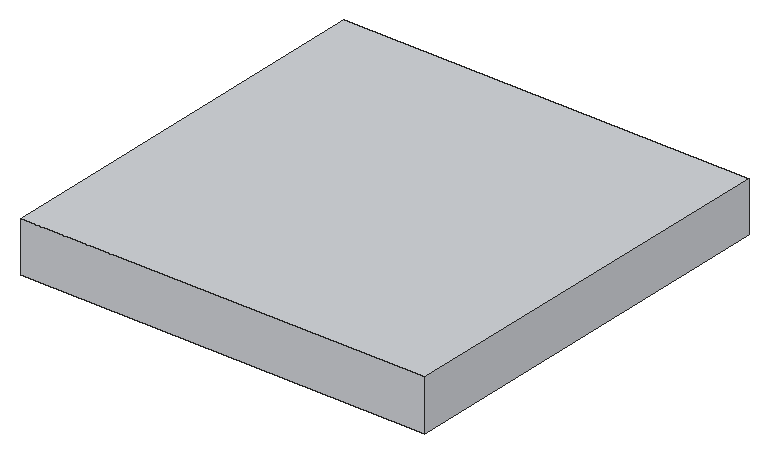
Revit family "05-5964-14-M1", category Luminarias, Revit 2017
Family settings
  Anfitrión = Cara
  Cota de conector redondo = Diámetro de uso
  Tipo de pieza = Normal
  Número OmniClass = 23.80.70.00
  Título OmniClass = Lighting
  Corte con vacíos al cargar = No
  Origen de luz = No
  Compartido = Sí
  Punto de cálculo de habitación = No
Parameters (values of type "05-5964-14-M1")
  Versión = "v1"
  Vatios (W) = 32.5
  Tipo de regulación = ""
  Tipo = "Aplique"
  Tender text (English) = "LEDS C4\nDuna\n05-5964-14-M1\n\nWall light for indoor use. \n\nFor uplighting and downlighting. Design by G. Bernal. Minimalist design. No visible screws. High performance W/effective lumens. Optimum price-performance. Optimum visual comfort. Available options for regulating light. High lumen power. Indirect light effect. Easy instalation. High durability for intensive use. Structure material: Aluminium, Aluminium. Structure finish: White. Diffuser material: Methacrylate. Diffuser finish: Sandblasted. Warranty: 5 Years.\n\nProduct net weight (Kg): 0.930\nProduct width or diameter (mm): 350\nProduct height (mm): 129\nProduct aperture (mm): 71\n\nClass 2. Glow wire test: 750. IP: IP20. LED. No. of lampholders or LEDs: 120. LED brand: SAMSUNG. Driver brand: EAGLERISE. Maximum power of light source: 30W. Colour temperature: LED warm-white 3000K. Colour rendering index: 80. MacAdam Steps: 3. Maximum diameter of luminaire bulb: 50.000h L80B20. Photobiological risk: RG0. Real flux (lm): 2339. Nominal flux (lm): 3857. Lm/Real W: 72. Voltage and frequency range: 100-240. Voltage: 3. Gear included: Yes, electronic. Multi-voltage gear included. Total power: 32.5. Power factor: 0.95."
  Tender text (Castellano) = "LEDS C4\nDuna\n05-5964-14-M1\n\nAplique de uso interior para iluminar hacia arriba y hacia abajo \n\nDiseño de G. Bernal. Diseño minimalista. Sin tornillos a la vista. Alto rendimiento W/lm reales. Òptimo precio-rendimiento. Òptimo confort visual. Opciones disponibles para el control de la luz. Alta potencia lumínica. Efecto de luz indirecto. Fácil instalación. Alta durabilidad para uso intensivo. Material estructura: Aluminio, Aluminio. Acabado estructura: Blanco. Material difusor: PMMA. Acabado difusor: Arenado. Garantía: 5 Años.\n\nPeso neto del producto (Kg): 0.930\nAnchura o diámetro del producto (mm): 350\nAltura del producto (mm): 129\nSalida del producto (mm): 71\n\nClase 2. Prueba hilo incandescente: 750. IP: IP20. LED. Nº de portalámparas o Leds: 120. Marca del LED: SAMSUNG. Marca del Driver: EAGLERISE. Potencia máxima de la fuente de luz: 30W. Temperatura de color: Blanco cálido - 3000K. Índice de reproducción cromática: 80. Steps Mac Adam: 3. Diámetro máximo de la bombilla que admite la luminaria: 50.000h L80B20. Riesgo fotobiológico: RG0. Flujo real (lm): 2339. Flujo nominal (lm): 3857. Lm/W reales: 72. Rango de voltaje/frecuencia: 100-240. Voltaje: 3. Equipo incluido: Si, electrónico. Equipo multivoltaje incluido. Potencia total: 32.5. Factor de potencia: 0.95."
  Temperatura color led (K) = "Blanco cálido - 3000K"
  Referencia = "05-5964-14-M1"
  Rayo de luz = "Check Photometric file"
  Producto descatalogado = "Catalogado ES"
  Pluma comercial = "http://files.leds-c4.com/pl/05-5964-14-M1.html"
  Peso neto (KG) = 0.93
  Material = "Aluminio, Aluminio, PMMA"
  Lumenes reales (lm) = 2339
  LDT = "http://files.leds-c4.com/ldt/05-5964-14-M1.html"
  Imagen web = "http://files.leds-c4.com/main-photo/05-5964-14-M1"
  IfcExportType = "NOTDEFINED"
  IfcExportAs = "IfcLightFixture\r\nIfcLightFixture"
  IP = "IP20"
  IMC = "http://files.leds-c4.com/imc/05-5964-14-M1.html"
  IK = ""
  Fuente de luz = "120xLED 30 3857.00 lm"
  Fotometría = "http://files.leds-c4.com/fm/05-5964-14-M1.html"
  Ficha = "http://files.leds-c4.com/ft/es/05-5964-14-M1.html"
  FechaVersion = "Julio 2020"
  Familia = "Duna"
  Fabricante = "LEDS C4"
  Etiqueta V/f = "100-240V/50-60Hz"
  Elevación por defecto = 1000 mm
  Eficiencia energética = "LED A++"
  EAN13 = "8435381458980"
  DescripcionUniformat2010 = "Lighting"
  DescripcionUniclass2015 = "Lighting"
  DescripcionOmniclass = "Lighting"
  DescripcionGubimclass = "Iluminación interior"
  CodigoUniformat2010 = "D5040"
  CodigoUniclass2015 = "EF_70_80"
  CodigoOmniclass = "21-04 50 40"
  CodigoGubimclass = "50.60.50.20"
  Catálogo = "Decorative"
  Carga aparente = 0 VA
  CRI = 80
  Acabado = "Blanco, Arenado"
Types (2, lengths in mm): name | Lumenes reales (lm) | CRI
  (no name) | 0 | 0
  05-5964-14-M1 | 2339 | 80
Values of the unnamed type that differ from the named types
  Vatios (W) = 0
  Tipo = ""
  Tender text (English) = ""
  Tender text (Castellano) = ""
  Temperatura color led (K) = ""
  Referencia = ""
  Rayo de luz = ""
  Producto descatalogado = ""
  Pluma comercial = ""
  Peso neto (KG) = 0
  Material = ""
  LDT = ""
  Imagen web = ""
  IP = ""
  IMC = ""
  Fuente de luz = ""
  Fotometría = ""
  Ficha = ""
  Familia = ""
  Etiqueta V/f = ""
  Eficiencia energética = ""
  EAN13 = ""
  Catálogo = ""
  Acabado = ""
Reference planes
  plane 1 "Centro (Frontal/Posterior)": y = 0
  plane 2: z = 0
  plane 3 "Centro (Izquierda/Derecha)": x = 0
  plane 4 "Elevación de origen de luz": z = 0
  plane 5 "Eje de origen de luz (F/P)": y = 0
  plane 6 "Eje de origen de luz (I/D)": x = 0
Forms (mm)
  Extrusion 1, solid
    sketch origin (0, 0, 0) x (1, 0, 0) y (0, 1, 0)
      loop
        line (-1219.2, 1219.2) -> (-1219.2, -1219.2) -> (1219.2, -1219.2) -> (1219.2, 1219.2) -> (-1219.2, 1219.2)
    from 0 to -304.8
Dimensions and locks
  aligned and locked: plane 2 to Extrusion 1
  aligned and locked: level to Extrusion 1
Nested families
  nested 1: "Luz anidada" at (1.538, 0, 71.139), type "Tipo1"
Connectors
  electrical at (0, 0, 0)
    settings: on Extrusion 1, index 1, voltage 0 V, apparent load 0 VA, apparent load phase1 0 VA, apparent load phase2 0 VA, apparent load phase3 0 VA, power factor 1, load classification "Otro", number of poles 1, system type 31, power factor state 1, is connector primary yes, connector utility no, sub classification motor no, connector description ""
Definition of nested family "Luz anidada"
  Parameters (values of type "Tipo1")
    Tilt Angle = 77.5495°
    Wattage = 32.5 W
    Tipo de regulación = ""
    Tipo = ""
    Tender text = ""
    built-in parameter 1150110 = 1 (stored number, unit not read)
    Pluma comercial = ""
    Material = ""
    Imagen = ""
    IP = ""
    IMC = ""
    IK = ""
    Fotometría = ""
    Ficha = ""
    Familia = ""
    Estado en catálogo = ""
    Peso neto = ""
    built-in parameter 1150142 = "IESNA:LM-63-1995\r\n[TEST] CL116A17F024G\r\n[DATE] 2 Feb 2017\r\n[MANUFAC] LED´S C4\r\n[LUMCAT] 05-5964-14-M1\r\n[LUMINAIRE] Aplique DUNA led 30W\r\n[FLASHAREA] 0.004918\r\n[LAMPCAT] 05-5964-14-M1\r\n[LAMP] Aplique DUNA led 30W\r\n[OTHER] Absolute Photometry\r\nTILT=NONE\r\n1 -1 1.0 37 13 1 2 0.035 0.280 0.075\r\n1.00 1.00 32.24\r\n0.00 5.00 10.00 15.00 20.00 25.00 30.00 35.00 40.00 45.00 \r\n50.00 55.00 60.00 65.00 70.00 75.00 80.00 85.00 90.00 \r\n95.00 100.00 105.00 110.00 115.00 120.00 125.00 130.00 \r\n135.00 140.00 145.00 150.00 155.00 160.00 165.00 170.00 \r\n175.00 180.00 \r\n90.00 105.00 120.00 135.00 150.00 165.00 180.00 195.00 \r\n210.00 225.00 240.00 255.00 270.00 \r\n205.61 203.96 199.33 190.29 180.73 166.26 151.14 130.83 \r\n113.25 95.93 84.11 73.99 66.72 59.26 53.01 55.31 41.91 \r\n32.29 28.03 78.11 89.55 129.17 155.00 197.08 236.60 \r\n286.98 333.26 390.74 443.29 503.26 556.49 623.80 686.91 \r\n751.75 792.73 827.56 847.41 \r\n205.61 203.95 199.43 190.69 181.09 167.61 152.82 134.54 \r\n116.38 99.86 86.39 76.15 67.63 60.64 52.92 52.31 53.78 \r\n50.13 80.00 88.00 96.95 123.17 150.27 189.35 235.65 \r\n281.42 332.53 385.73 438.94 497.19 551.92 618.78 684.67 \r\n746.98 790.07 825.73 847.41 \r\n205.61 203.97 199.66 191.75 182.14 170.10 156.37 140.39 \r\n122.21 105.45 90.81 78.12 68.79 60.97 54.01 47.41 45.97 \r\n62.04 84.80 85.83 92.39 118.16 153.56 196.71 242.31 \r\n292.79 343.18 397.50 453.41 509.17 568.99 632.68 696.45 \r\n751.08 792.32 825.73 847.41 \r\n205.61 204.01 199.87 192.79 183.82 172.59 159.41 144.97 \r\n129.53 113.18 97.39 84.19 72.77 63.07 52.84 43.75 43.78 \r\n56.58 71.05 78.00 88.75 116.57 158.31 207.03 257.53 \r\n307.86 361.88 415.71 473.69 533.54 593.66 657.89 715.01 \r\n761.34 798.37 827.21 847.41 \r\n205.61 204.05 200.04 193.49 184.73 174.40 162.21 148.48 \r\n133.86 118.89 104.26 90.16 76.80 64.39 53.10 44.58 41.48 \r\n44.66 52.61 64.80 85.42 119.72 167.59 222.34 276.65 \r\n329.45 384.93 443.39 503.69 567.89 630.18 684.79 733.86 \r\n774.88 806.35 829.83 847.41 \r\n205.61 204.09 200.10 193.91 185.63 175.46 163.72 150.63 \r\n136.42 121.42 106.12 91.23 77.36 64.78 52.99 41.48 30.74 \r\n25.26 30.70 51.25 85.05 128.86 179.52 234.75 292.93 \r\n353.45 416.06 479.07 540.17 599.01 655.66 708.05 753.01 \r\n788.70 814.77 833.30 847.41 \r\n205.61 204.14 200.00 193.60 185.28 175.22 163.54 150.40 \r\n136.10 120.98 105.42 90.10 75.76 62.69 49.49 34.33 17.20 \r\n5.47 8.36 32.47 74.07 126.83 185.27 247.29 311.65 377.08 \r\n442.32 506.07 567.17 624.91 678.68 727.58 769.49 801.98 \r\n823.70 837.53 847.41 \r\n205.61 204.17 199.82 192.98 184.29 174.18 162.54 148.93 \r\n133.21 115.26 94.15 70.02 46.44 28.70 18.07 11.83 6.85 \r\n4.92 9.77 25.97 58.85 112.74 185.74 265.40 340.82 408.69 \r\n473.03 536.00 596.82 653.89 706.08 751.89 789.28 816.59 \r\n833.32 842.31 847.41 \r\n205.61 204.19 199.57 192.38 183.36 170.99 151.49 121.73 \r\n83.74 49.00 28.20 17.30 10.49 7.61 7.18 7.45 8.46 8.52 \r\n8.46 11.47 15.12 31.77 88.42 170.59 272.10 383.75 485.67 \r\n563.55 624.15 679.13 730.17 773.23 806.94 829.91 842.52 \r\n847.24 847.41 \r\n205.61 204.19 199.21 191.89 178.80 148.49 101.05 54.26 \r\n30.65 19.63 11.08 7.79 7.52 7.35 7.37 7.36 7.45 7.42 7.38 \r\n7.18 7.51 12.64 28.67 69.83 153.19 266.64 382.44 508.76 \r\n627.26 702.83 750.64 790.60 820.79 840.07 850.17 851.89 \r\n847.41 \r\n205.61 204.17 199.02 191.59 167.66 112.35 54.22 31.69 \r\n18.81 9.56 7.43 7.16 7.07 7.17 7.37 7.58 7.72 7.74 7.69 \r\n7.66 7.52 7.34 7.77 29.00 80.64 166.21 292.06 421.39 \r\n553.96 692.82 763.90 801.12 829.12 846.76 856.09 855.99 \r\n847.41 \r\n205.61 204.13 199.10 191.13 158.40 89.09 43.52 24.94 \r\n12.76 7.77 7.07 6.68 6.64 6.78 7.06 7.56 7.86 7.99 8.11 \r\n8.23 7.97 7.18 6.78 13.21 50.69 117.98 227.51 360.81 \r\n498.44 625.74 752.36 803.18 833.70 851.47 860.78 859.46 \r\n847.41 \r\n205.61 204.13 199.21 191.06 155.35 83.63 41.50 23.11 \r\n12.99 7.48 6.92 6.44 6.33 6.34 6.46 6.74 6.65 5.69 5.18 \r\n5.93 6.54 6.21 5.76 6.28 35.05 87.00 168.15 310.28 449.85 \r\n594.11 753.76 806.86 838.93 856.60 865.17 862.28 847.41 \r\n"
    Lamp = ""
    built-in parameter 1114217 = 1 (stored number, unit not read)
    built-in parameter 1150109 = 1 (stored number, unit not read)
    Etiqueta vf = ""
    Eficiencia energética = ""
    EAN13 = ""
    built-in parameter 1150134 = (empty or 0)
    built-in parameter 1150113 = 1 (stored number, unit not read)
    Lumens = 2391 lm
    built-in parameter 1150115 = 1 (stored number, unit not read)
    built-in parameter 1150105 = 109.82 (stored number, unit not read)
    built-in parameter 1150137 = (empty or 0)
    built-in parameter 1150139 = (empty or 0)
    built-in parameter 1150112 = 1 (stored number, unit not read)
    built-in parameter 1150114 = 1 (stored number, unit not read)
    built-in parameter 1150132 = (empty or 0)
    built-in parameter 1150102 = (empty or 0)
    built-in parameter 1150138 = (empty or 0)
    built-in parameter 1150107 = 3000 (stored number, unit not read)
    built-in parameter 1150106 = 1.0982 (stored number, unit not read)
    built-in parameter 1150104 = 6.6862 (stored number, unit not read)
    Catálogo = ""
    Dimming Lamp Color Temperature Shift = (empty or 0)
    Color Filter = 16777215
    built-in parameter 1114218 = 1 (stored number, unit not read)
    CRI = 0
    Photometric Web File = "05-5964-14-M1.ies"
    Acabado = ""
    built-in parameter 1150133 = 10 (stored number, unit not read)
  Types (2, lengths in mm): name | Tilt Angle
    (no name) | 0.00°
    Tipo1 | 77.5495°
  Values of the unnamed type that differ from the named types
    Wattage = 29 W
    built-in parameter 1150104 = 7.5027 (stored number, unit not read)
  Reference planes
    plane 1 "Eje de origen de luz (F/P)": y = 0
    plane 2: z = 0
    plane 3 "Eje de origen de luz (I/D)": x = 0
    plane 4 "Elevación de origen de luz": z = 0
  Dimensions and locks
    aligned and locked: plane 3 "Eje de origen de luz (I/D)" to imposter light
    aligned and locked: plane 1 "Eje de origen de luz (F/P)" to imposter light
    aligned and locked: plane 4 "Elevación de origen de luz" to imposter light
    aligned and locked: level to plane 2
